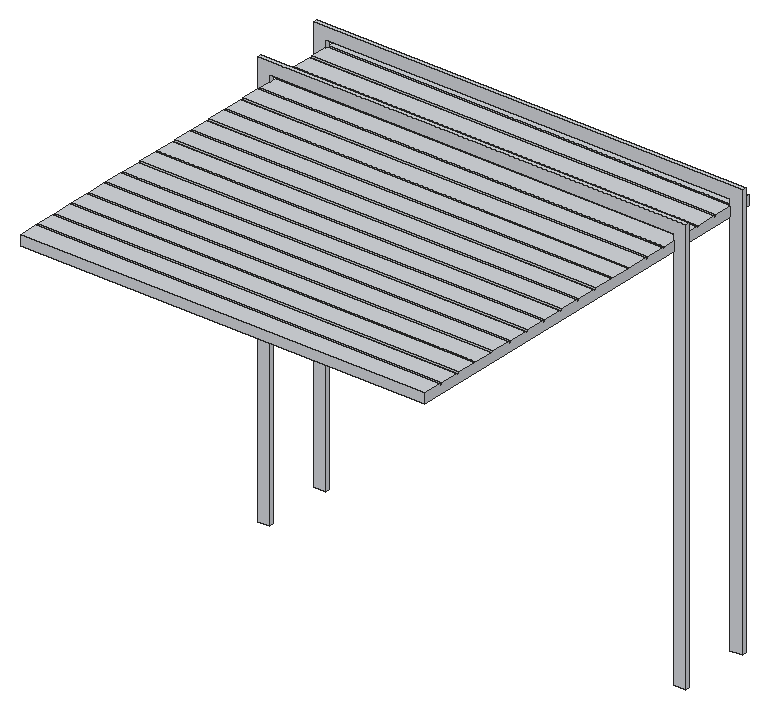
Revit family "BRU_ВоротаПаркинг", category Двери, Revit 2021
Family settings
  Основа = Стена
  Номер OmniClass = 23.30.10.00
  Заголовок OmniClass = Doors
  Всегда вертикально = Да
  При загрузке вырезать с полостями = Нет
  Общий = Нет
  Точка принадлежности помещению = Нет
Parameters (values of type "BRU_ВоротаПаркинг Бокс 2,5м")
  Функция = Внутренние слои
  Толщина_Утеплителя [instance] = 260 mm
  Открыто [instance] = not(Закрыто)  # yes
  Определить тепловые свойства по = Тип схем
  Закрыто [instance] = no
  Материал = none
  Ламель_Ширина = (Height - 250 mm) / 20  # 112.5 mm
  Группа модели = "Ворота паркинг"
  Выступ каркаса нар. = 25 mm
  Выступ каркаса внут. = 25 mm
  Ширина каркаса = 75 mm
  Height = 2500 mm
  Замыкание стены = По основе
  Width = 2500 mm
  Аналитическая конструкция = "<Нет>"
Reference planes
  plane 1: y = 0
  plane 2 "По центру (Влево/Вправо)": x = 0
  plane 3 "Слева": x = -1250
  plane 4 "Справа": x = 1250
  plane 5: z = 2500
  plane 6 "Наружный": y = 75
  plane 7 "Внутренние": y = -75
  plane 8 "Открыто": z = 2400
  plane 9 "Открыто1": y = 475
  plane 10: y = -2025
  plane 11 "Утеплителль": y = 335
  plane 12: y = 25.102
Forms (mm)
  Extrusion 1, solid, material <- "Материал", detail levels medium+fine
    sketch origin (-3050, -75, 0) x (1, 0, 0) y (0, 0, 1)
      loop
        line (1725, 0) -> (1800, 0) -> (1800, 2500) -> (4300, 2500) -> (4300, 0) -> (4375, 0) -> (4375, 2575) -> (1725, 2575) -> (1725, 0)
    from 0 to 25
  Extrusion 2, solid, material <- "Материал", detail levels medium+fine
    sketch origin (-3050, 75, 0) x (-1, 0, 0) y (0, 0, 1)
      loop
        line (-1800, 0) -> (-1725, 0) -> (-1725, 2575) -> (-4375, 2575) -> (-4375, 0) -> (-4300, 0) -> (-4300, 2500) -> (-1800, 2500) -> (-1800, 0)
    from 260 to 285
Lines and regions (mm)
  Opening 1
    outline origin (-3050, -75, 0) x (1, 0, 0) y (0, 0, 1)
      loop
        line (1800, 0) -> (4300, 0) -> (4300, 2500) -> (1800, 2500) -> (1800, 0)
  model lines, detail levels medium+fine
    curve 1: line (-1250, 75, 0) -> (1250, 75, 0)
    curve 2: line (1250, 25.102, 0) -> (-1250, 25.102, 0)
Text (mm)
  text "Exterior" at (-2295.016, 1099.543, 0), in view "Опорный уровень"
  text "Exterior" at (0, 1615.38, 3698.081), in view "Слева"
  text "Exterior" at (0, 1036.032, 3874.932), in view "Справа"
Dimensions and locks
  equal spacing: plane 3 "Слева", plane 2 "По центру (Влево/Вправо)", plane 4 "Справа"
  "Width": plane 3 "Слева" to plane 4 "Справа"
  "Height": plane 5 to host wall
  host wall to plane 5 = 2500 mm  (x2)
  "Выступ каркаса нар.": Extrusion 2 to Extrusion 2
  "Выступ каркаса внут.": Extrusion 1 to Extrusion 1
  "Ширина каркаса": plane 3 "Слева" to Extrusion 1 sketch curve
  "Ширина каркаса": plane 4 "Справа" to Extrusion 1 sketch curve
  "Ширина каркаса": Extrusion 1 sketch curve to plane 5
  "Ширина каркаса": plane 4 "Справа" to Extrusion 2 sketch curve
  "Ширина каркаса": plane 3 "Слева" to Extrusion 2 sketch curve
  "Ширина каркаса": plane 5 to Extrusion 2 sketch curve
  locked: plane 6 "Наружный" to host wall
  locked: plane 7 "Внутренние" to host wall
  locked: plane 9 "Открыто1" to plane 6 "Наружный" at 400
  locked: plane 5 to plane 8 "Открыто" at 100
  "Height": plane 9 "Открыто1" to plane 10
  "Толщина_Утеплителя": plane 6 "Наружный" to plane 11 "Утеплителль"
  plane 12 to plane 6 "Наружный" = 49.898 mm
  aligned and locked: plane 3 "Слева" to Opening 1 sketch curve
  aligned and locked: plane 5 to Opening 1 sketch curve  (x2)
  aligned and locked: Opening 1 sketch curve to plane 4 "Справа"
  aligned and locked: Opening 1 sketch curve to level
  aligned and locked: level to Extrusion 1 sketch curve
  aligned and locked: plane 5 to Extrusion 1 sketch curve  (x2)
  aligned and locked: Extrusion 1 sketch curve to plane 4 "Справа"
  aligned and locked: plane 3 "Слева" to Extrusion 1 sketch curve
  aligned and locked: plane 3 "Слева" to Extrusion 2 sketch curve
  aligned and locked: plane 5 to Extrusion 2 sketch curve  (x2)
  aligned and locked: level to Extrusion 2 sketch curve
  aligned and locked: plane 1 to host wall
  aligned and locked: Extrusion 2 to plane 11 "Утеплителль"
  aligned and locked: nested 1 to plane 6 "Наружный"
  aligned and locked: plane 4 "Справа" to nested 1
  aligned and locked: plane 4 "Справа" to nested 2
  aligned and locked: nested 2 to plane 8 "Открыто"
  aligned and locked: nested 2 to plane 9 "Открыто1"
  aligned and locked: plane 4 "Справа" to curve 1
  aligned and locked: plane 3 "Слева" to curve 1
  aligned and locked: plane 3 "Слева" to curve 2
  aligned and locked: plane 4 "Справа" to curve 2
Automatic sketch dimensions
  Extrusion 2 sketch curve to plane 4 "Справа" = 0 mm
  Extrusion 1 sketch curve to level = 0 mm
  Extrusion 2 sketch curve to level = 0 mm
  curve 2 to plane 12 = 0 mm
  curve 1 to host wall = 0 mm
Nested families
  nested 1: "BRU_Ворота_ПолотноЛамели" at (-3970.094, 55, 0), visible <- "Закрыто", type "Закрыто", detail levels medium+fine
    with Ширина_Полотно 2500 mm
  nested 2: "BRU_Ворота_ПолотноЛамели" at (-3970.094, 465, 2400), visible <- "Открыто", type "Открыто", detail levels medium+fine
    with Ширина_Полотно 2500 mm
Definition of nested family "BRU_Ворота_ПолотноЛамели"
  Parameters (values of type "Закрыто")
    Полотно = none
    Открыто = no
    Ламели_Ширина = (Высота_Полотно - 250 mm) / 19  # 118.421 mm
    Ламели_Толщина = 10 mm  # constant formula
    Ширина_Полотно = 3000 mm
    Закрыто = yes
    Дверь_Толщина = 50 mm
    Высота_Полотно = 2500 mm
    Analytic Construction = "<Нет>"
  Types (2, lengths in mm): name | Открыто | Ширина_Полотно | Закрыто
    Закрыто | no | 3000 | yes
    Открыто | yes | 3500 | no
  Reference planes
    plane 1 "По центру (Вперед/Назад)": y = 0
    plane 2 "ОпорнаяПлоскость": z = 0
    plane 3 "По центру (Влево/Вправо)": x = 0
    plane 4 "Слева": x = 2720.094
    plane 5 "Справа": x = 5720.094
    plane 6 "Внутрь": y = -40
    plane 7 "Снаружи": y = 10
    plane 8 "Ламели": y = 20
    plane 9: z = 2500
    plane 10: y = -2490
    plane 11: z = 50
    plane 12: z = 60
  Forms (mm)
    Extrusion 1, solid, material <- "Полотно", visible <- "Закрыто"
      sketch origin (0, 10, 0) x (0, 0, -1) y (-1, 0, 0)
        loop
          line (-2500, -5720.094) -> (0, -5720.094) -> (0, -2720.094) -> (-2500, -2720.094) -> (-2500, -5720.094)
      from 0 to -50
    Extrusion 2, solid, material <- "Полотно", visible <- "Открыто"
      sketch origin (0, 0, 0) x (1, 0, 0) y (0, 1, 0)
        loop
          line (2720.094, 10) -> (2720.094, -2490) -> (5720.094, -2490) -> (5720.094, 10) -> (2720.094, 10)
      from 0 to 50
    Extrusion 3, solid, material <- "Полотно", visible <- "Открыто"
      sketch origin (5720.094, -5.921, 0) x (0, 0, -1) y (0, -1, 0)
        loop
          line (-60, -15.921) -> (-50, -15.921) -> (-50, 102.5) -> (-60, 102.5) -> (-60, -15.921)
      from 0 to 3000 <- "Ширина_Полотно"
    Extrusion 4, solid, material <- "Полотно", visible <- "Открыто"
      sketch origin (5720.094, -2387.5, 0) x (0, 0, -1) y (0, -1, 0)
        loop
          line (-60, -15.921) -> (-50, -15.921) -> (-50, 102.5) -> (-60, 102.5) -> (-60, -15.921)
      from 0 to 3000 <- "Ширина_Полотно"
    Extrusion 5, solid, material <- "Полотно", visible <- "Открыто"
      sketch origin (5720.094, -138.231, 0) x (0, 0, -1) y (0, -1, 0)
        loop
          line (-60, -15.921) -> (-50, -15.921) -> (-50, 102.5) -> (-60, 102.5) -> (-60, -15.921)
      from 0 to 3000 <- "Ширина_Полотно"
    Extrusion 6, solid, material <- "Полотно", visible <- "Открыто"
      sketch origin (5720.094, -270.541, 0) x (0, 0, -1) y (0, -1, 0)
        loop
          line (-60, -15.921) -> (-50, -15.921) -> (-50, 102.5) -> (-60, 102.5) -> (-60, -15.921)
      from 0 to 3000 <- "Ширина_Полотно"
    Extrusion 7, solid, material <- "Полотно", visible <- "Открыто"
      sketch origin (5720.094, -402.851, 0) x (0, 0, -1) y (0, -1, 0)
        loop
          line (-60, -15.921) -> (-50, -15.921) -> (-50, 102.5) -> (-60, 102.5) -> (-60, -15.921)
      from 0 to 3000 <- "Ширина_Полотно"
    Extrusion 8, solid, material <- "Полотно", visible <- "Открыто"
      sketch origin (5720.094, -535.161, 0) x (0, 0, -1) y (0, -1, 0)
        loop
          line (-60, -15.921) -> (-50, -15.921) -> (-50, 102.5) -> (-60, 102.5) -> (-60, -15.921)
      from 0 to 3000 <- "Ширина_Полотно"
    Extrusion 9, solid, material <- "Полотно", visible <- "Открыто"
      sketch origin (5720.094, -667.471, 0) x (0, 0, -1) y (0, -1, 0)
        loop
          line (-60, -15.921) -> (-50, -15.921) -> (-50, 102.5) -> (-60, 102.5) -> (-60, -15.921)
      from 0 to 3000 <- "Ширина_Полотно"
    Extrusion 10, solid, material <- "Полотно", visible <- "Открыто"
      sketch origin (5720.094, -799.781, 0) x (0, 0, -1) y (0, -1, 0)
        loop
          line (-60, -15.921) -> (-50, -15.921) -> (-50, 102.5) -> (-60, 102.5) -> (-60, -15.921)
      from 0 to 3000 <- "Ширина_Полотно"
    Extrusion 11, solid, material <- "Полотно", visible <- "Открыто"
      sketch origin (5720.094, -932.091, 0) x (0, 0, -1) y (0, -1, 0)
        loop
          line (-60, -15.921) -> (-50, -15.921) -> (-50, 102.5) -> (-60, 102.5) -> (-60, -15.921)
      from 0 to 3000 <- "Ширина_Полотно"
    Extrusion 12, solid, material <- "Полотно", visible <- "Открыто"
      sketch origin (5720.094, -1064.401, 0) x (0, 0, -1) y (0, -1, 0)
        loop
          line (-60, -15.921) -> (-50, -15.921) -> (-50, 102.5) -> (-60, 102.5) -> (-60, -15.921)
      from 0 to 3000 <- "Ширина_Полотно"
    Extrusion 13, solid, material <- "Полотно", visible <- "Открыто"
      sketch origin (5720.094, -1196.711, 0) x (0, 0, -1) y (0, -1, 0)
        loop
          line (-60, -15.921) -> (-50, -15.921) -> (-50, 102.5) -> (-60, 102.5) -> (-60, -15.921)
      from 0 to 3000 <- "Ширина_Полотно"
    Extrusion 14, solid, material <- "Полотно", visible <- "Открыто"
      sketch origin (5720.094, -1329.02, 0) x (0, 0, -1) y (0, -1, 0)
        loop
          line (-60, -15.921) -> (-50, -15.921) -> (-50, 102.5) -> (-60, 102.5) -> (-60, -15.921)
      from 0 to 3000 <- "Ширина_Полотно"
    Extrusion 15, solid, material <- "Полотно", visible <- "Открыто"
      sketch origin (5720.094, -1461.33, 0) x (0, 0, -1) y (0, -1, 0)
        loop
          line (-60, -15.921) -> (-50, -15.921) -> (-50, 102.5) -> (-60, 102.5) -> (-60, -15.921)
      from 0 to 3000 <- "Ширина_Полотно"
    Extrusion 16, solid, material <- "Полотно", visible <- "Открыто"
      sketch origin (5720.094, -1593.64, 0) x (0, 0, -1) y (0, -1, 0)
        loop
          line (-60, -15.921) -> (-50, -15.921) -> (-50, 102.5) -> (-60, 102.5) -> (-60, -15.921)
      from 0 to 3000 <- "Ширина_Полотно"
    Extrusion 17, solid, material <- "Полотно", visible <- "Открыто"
      sketch origin (5720.094, -1725.95, 0) x (0, 0, -1) y (0, -1, 0)
        loop
          line (-60, -15.921) -> (-50, -15.921) -> (-50, 102.5) -> (-60, 102.5) -> (-60, -15.921)
      from 0 to 3000 <- "Ширина_Полотно"
    Extrusion 18, solid, material <- "Полотно", visible <- "Открыто"
      sketch origin (5720.094, -1858.26, 0) x (0, 0, -1) y (0, -1, 0)
        loop
          line (-60, -15.921) -> (-50, -15.921) -> (-50, 102.5) -> (-60, 102.5) -> (-60, -15.921)
      from 0 to 3000 <- "Ширина_Полотно"
    Extrusion 19, solid, material <- "Полотно", visible <- "Открыто"
      sketch origin (5720.094, -1990.57, 0) x (0, 0, -1) y (0, -1, 0)
        loop
          line (-60, -15.921) -> (-50, -15.921) -> (-50, 102.5) -> (-60, 102.5) -> (-60, -15.921)
      from 0 to 3000 <- "Ширина_Полотно"
    Extrusion 20, solid, material <- "Полотно", visible <- "Открыто"
      sketch origin (5720.094, -2122.88, 0) x (0, 0, -1) y (0, -1, 0)
        loop
          line (-60, -15.921) -> (-50, -15.921) -> (-50, 102.5) -> (-60, 102.5) -> (-60, -15.921)
      from 0 to 3000 <- "Ширина_Полотно"
    Extrusion 21, solid, material <- "Полотно", visible <- "Открыто"
      sketch origin (5720.094, -2255.19, 0) x (0, 0, -1) y (0, -1, 0)
        loop
          line (-60, -15.921) -> (-50, -15.921) -> (-50, 102.5) -> (-60, 102.5) -> (-60, -15.921)
      from 0 to 3000 <- "Ширина_Полотно"
    Extrusion 22, solid, material <- "Полотно", visible <- "Закрыто"
      sketch origin (5720.094, 0, -2381.579) x (0, 0, -1) y (0, -1, 0)
        loop
          line (-2500, -20) -> (-2381.579, -20) -> (-2381.579, -10) -> (-2500, -10) -> (-2500, -20)
      from 0 to 3000 <- "Ширина_Полотно"
    Extrusion 23, solid, material <- "Полотно", visible <- "Закрыто"
      sketch origin (5720.094, 0, 0) x (0, 0, -1) y (0, -1, 0)
        loop
          line (-2500, -20) -> (-2381.579, -20) -> (-2381.579, -10) -> (-2500, -10) -> (-2500, -20)
      from 0 to 3000 <- "Ширина_Полотно"
    Extrusion 24, solid, material <- "Полотно", visible <- "Закрыто"
      sketch origin (5720.094, 0, -2249.269) x (0, 0, -1) y (0, -1, 0)
        loop
          line (-2500, -20) -> (-2381.579, -20) -> (-2381.579, -10) -> (-2500, -10) -> (-2500, -20)
      from 0 to 3000 <- "Ширина_Полотно"
    Extrusion 25, solid, material <- "Полотно", visible <- "Закрыто"
      sketch origin (5720.094, 0, -2116.959) x (0, 0, -1) y (0, -1, 0)
        loop
          line (-2500, -20) -> (-2381.579, -20) -> (-2381.579, -10) -> (-2500, -10) -> (-2500, -20)
      from 0 to 3000 <- "Ширина_Полотно"
    Extrusion 26, solid, material <- "Полотно", visible <- "Закрыто"
      sketch origin (5720.094, 0, -1984.649) x (0, 0, -1) y (0, -1, 0)
        loop
          line (-2500, -20) -> (-2381.579, -20) -> (-2381.579, -10) -> (-2500, -10) -> (-2500, -20)
      from 0 to 3000 <- "Ширина_Полотно"
    Extrusion 27, solid, material <- "Полотно", visible <- "Закрыто"
      sketch origin (5720.094, 0, -1852.339) x (0, 0, -1) y (0, -1, 0)
        loop
          line (-2500, -20) -> (-2381.579, -20) -> (-2381.579, -10) -> (-2500, -10) -> (-2500, -20)
      from 0 to 3000 <- "Ширина_Полотно"
    Extrusion 28, solid, material <- "Полотно", visible <- "Закрыто"
      sketch origin (5720.094, 0, -1720.029) x (0, 0, -1) y (0, -1, 0)
        loop
          line (-2500, -20) -> (-2381.579, -20) -> (-2381.579, -10) -> (-2500, -10) -> (-2500, -20)
      from 0 to 3000 <- "Ширина_Полотно"
    Extrusion 29, solid, material <- "Полотно", visible <- "Закрыто"
      sketch origin (5720.094, 0, -1587.719) x (0, 0, -1) y (0, -1, 0)
        loop
          line (-2500, -20) -> (-2381.579, -20) -> (-2381.579, -10) -> (-2500, -10) -> (-2500, -20)
      from 0 to 3000 <- "Ширина_Полотно"
    Extrusion 30, solid, material <- "Полотно", visible <- "Закрыто"
      sketch origin (5720.094, 0, -1455.409) x (0, 0, -1) y (0, -1, 0)
        loop
          line (-2500, -20) -> (-2381.579, -20) -> (-2381.579, -10) -> (-2500, -10) -> (-2500, -20)
      from 0 to 3000 <- "Ширина_Полотно"
    Extrusion 31, solid, material <- "Полотно", visible <- "Закрыто"
      sketch origin (5720.094, 0, -1323.099) x (0, 0, -1) y (0, -1, 0)
        loop
          line (-2500, -20) -> (-2381.579, -20) -> (-2381.579, -10) -> (-2500, -10) -> (-2500, -20)
      from 0 to 3000 <- "Ширина_Полотно"
    Extrusion 32, solid, material <- "Полотно", visible <- "Закрыто"
      sketch origin (5720.094, 0, -1190.789) x (0, 0, -1) y (0, -1, 0)
        loop
          line (-2500, -20) -> (-2381.579, -20) -> (-2381.579, -10) -> (-2500, -10) -> (-2500, -20)
      from 0 to 3000 <- "Ширина_Полотно"
    Extrusion 33, solid, material <- "Полотно", visible <- "Закрыто"
      sketch origin (5720.094, 0, -1058.48) x (0, 0, -1) y (0, -1, 0)
        loop
          line (-2500, -20) -> (-2381.579, -20) -> (-2381.579, -10) -> (-2500, -10) -> (-2500, -20)
      from 0 to 3000 <- "Ширина_Полотно"
    Extrusion 34, solid, material <- "Полотно", visible <- "Закрыто"
      sketch origin (5720.094, 0, -926.17) x (0, 0, -1) y (0, -1, 0)
        loop
          line (-2500, -20) -> (-2381.579, -20) -> (-2381.579, -10) -> (-2500, -10) -> (-2500, -20)
      from 0 to 3000 <- "Ширина_Полотно"
    Extrusion 35, solid, material <- "Полотно", visible <- "Закрыто"
      sketch origin (5720.094, 0, -793.86) x (0, 0, -1) y (0, -1, 0)
        loop
          line (-2500, -20) -> (-2381.579, -20) -> (-2381.579, -10) -> (-2500, -10) -> (-2500, -20)
      from 0 to 3000 <- "Ширина_Полотно"
    Extrusion 36, solid, material <- "Полотно", visible <- "Закрыто"
      sketch origin (5720.094, 0, -661.55) x (0, 0, -1) y (0, -1, 0)
        loop
          line (-2500, -20) -> (-2381.579, -20) -> (-2381.579, -10) -> (-2500, -10) -> (-2500, -20)
      from 0 to 3000 <- "Ширина_Полотно"
    Extrusion 37, solid, material <- "Полотно", visible <- "Закрыто"
      sketch origin (5720.094, 0, -529.24) x (0, 0, -1) y (0, -1, 0)
        loop
          line (-2500, -20) -> (-2381.579, -20) -> (-2381.579, -10) -> (-2500, -10) -> (-2500, -20)
      from 0 to 3000 <- "Ширина_Полотно"
    Extrusion 38, solid, material <- "Полотно", visible <- "Закрыто"
      sketch origin (5720.094, 0, -396.93) x (0, 0, -1) y (0, -1, 0)
        loop
          line (-2500, -20) -> (-2381.579, -20) -> (-2381.579, -10) -> (-2500, -10) -> (-2500, -20)
      from 0 to 3000 <- "Ширина_Полотно"
    Extrusion 39, solid, material <- "Полотно", visible <- "Закрыто"
      sketch origin (5720.094, 0, -264.62) x (0, 0, -1) y (0, -1, 0)
        loop
          line (-2500, -20) -> (-2381.579, -20) -> (-2381.579, -10) -> (-2500, -10) -> (-2500, -20)
      from 0 to 3000 <- "Ширина_Полотно"
    Extrusion 40, solid, material <- "Полотно", visible <- "Закрыто"
      sketch origin (5720.094, 0, -132.31) x (0, 0, -1) y (0, -1, 0)
        loop
          line (-2500, -20) -> (-2381.579, -20) -> (-2381.579, -10) -> (-2500, -10) -> (-2500, -20)
      from 0 to 3000 <- "Ширина_Полотно"
  Cuts and joins
    joined: Extrusion 2, Extrusion 3, Extrusion 4, Extrusion 5, Extrusion 6, Extrusion 7, Extrusion 8, Extrusion 9, Extrusion 10, Extrusion 11, Extrusion 12, Extrusion 13, Extrusion 14, Extrusion 15, Extrusion 16, Extrusion 17, Extrusion 18, Extrusion 19, Extrusion 20, Extrusion 21
    joined: Extrusion 1, Extrusion 22, Extrusion 23, Extrusion 24, Extrusion 25, Extrusion 26, Extrusion 27, Extrusion 28, Extrusion 29, Extrusion 30, Extrusion 31, Extrusion 32, Extrusion 33, Extrusion 34, Extrusion 35, Extrusion 36, Extrusion 37, Extrusion 38, Extrusion 39, Extrusion 40
  Dimensions and locks
    "Ламели_Толщина": plane 8 "Ламели" to plane 7 "Снаружи"
    "Дверь_Толщина": plane 7 "Снаружи" to plane 6 "Внутрь"
    "Высота_Полотно": level to plane 9
    "Ширина_Полотно": plane 4 "Слева" to plane 5 "Справа"
    "Высота_Полотно": plane 7 "Снаружи" to plane 10
    "Дверь_Толщина": plane 11 to level
    "Ламели_Толщина": plane 12 to plane 11
    "Ламели_Ширина": Extrusion 3 sketch curve to Extrusion 3 sketch curve
    "Ламели_Ширина": Extrusion 4 sketch curve to Extrusion 4 sketch curve
    equal spacing: group 1, group 3, group 4, group 5, group 6, group 7, group 8, group 9, group 10, group 11, group 12, group 13, group 14, group 15, group 16, group 17, group 18, group 19, group 2  (x2)
    equal spacing: group 2, group 19, group 18, group 17, group 16, group 15, group 14, group 13, group 12, group 11, group 10, group 9, group 8, group 7, group 6, group 5, group 4, group 3, group 1
    "Ламели_Ширина": Extrusion 5 sketch curve to Extrusion 5 sketch curve
    "Ламели_Ширина": Extrusion 6 sketch curve to Extrusion 6 sketch curve
    "Ламели_Ширина": Extrusion 7 sketch curve to Extrusion 7 sketch curve
    "Ламели_Ширина": Extrusion 8 sketch curve to Extrusion 8 sketch curve
    "Ламели_Ширина": Extrusion 9 sketch curve to Extrusion 9 sketch curve
    "Ламели_Ширина": Extrusion 10 sketch curve to Extrusion 10 sketch curve
    "Ламели_Ширина": Extrusion 11 sketch curve to Extrusion 11 sketch curve
    "Ламели_Ширина": Extrusion 12 sketch curve to Extrusion 12 sketch curve
    "Ламели_Ширина": Extrusion 13 sketch curve to Extrusion 13 sketch curve
    "Ламели_Ширина": Extrusion 14 sketch curve to Extrusion 14 sketch curve
    "Ламели_Ширина": Extrusion 15 sketch curve to Extrusion 15 sketch curve
    "Ламели_Ширина": Extrusion 16 sketch curve to Extrusion 16 sketch curve
    "Ламели_Ширина": Extrusion 17 sketch curve to Extrusion 17 sketch curve
    "Ламели_Ширина": Extrusion 18 sketch curve to Extrusion 18 sketch curve
    "Ламели_Ширина": Extrusion 19 sketch curve to Extrusion 19 sketch curve
    "Ламели_Ширина": Extrusion 20 sketch curve to Extrusion 20 sketch curve
    "Ламели_Ширина": Extrusion 21 sketch curve to Extrusion 21 sketch curve
    "Ламели_Ширина": Extrusion 22 sketch curve to Extrusion 22 sketch curve
    "Ламели_Ширина": Extrusion 23 sketch curve to Extrusion 23 sketch curve
    equal spacing: group 20, group 22, group 23, group 24, group 25, group 26, group 27, group 28, group 29, group 30, group 31, group 32, group 33, group 34, group 35, group 36, group 37, group 38, group 21  (x3)
    "Ламели_Ширина": Extrusion 24 sketch curve to Extrusion 24 sketch curve
    "Ламели_Ширина": Extrusion 25 sketch curve to Extrusion 25 sketch curve
    "Ламели_Ширина": Extrusion 26 sketch curve to Extrusion 26 sketch curve
    "Ламели_Ширина": Extrusion 27 sketch curve to Extrusion 27 sketch curve
    "Ламели_Ширина": Extrusion 28 sketch curve to Extrusion 28 sketch curve
    "Ламели_Ширина": Extrusion 29 sketch curve to Extrusion 29 sketch curve
    "Ламели_Ширина": Extrusion 30 sketch curve to Extrusion 30 sketch curve
    "Ламели_Ширина": Extrusion 31 sketch curve to Extrusion 31 sketch curve
    "Ламели_Ширина": Extrusion 32 sketch curve to Extrusion 32 sketch curve
    "Ламели_Ширина": Extrusion 33 sketch curve to Extrusion 33 sketch curve
    "Ламели_Ширина": Extrusion 34 sketch curve to Extrusion 34 sketch curve
    "Ламели_Ширина": Extrusion 35 sketch curve to Extrusion 35 sketch curve
    "Ламели_Ширина": Extrusion 36 sketch curve to Extrusion 36 sketch curve
    "Ламели_Ширина": Extrusion 37 sketch curve to Extrusion 37 sketch curve
    "Ламели_Ширина": Extrusion 38 sketch curve to Extrusion 38 sketch curve
    "Ламели_Ширина": Extrusion 39 sketch curve to Extrusion 39 sketch curve
    "Ламели_Ширина": Extrusion 40 sketch curve to Extrusion 40 sketch curve
    aligned and locked: level to plane 2 "ОпорнаяПлоскость"
    aligned and locked: level to Extrusion 1 sketch curve
    aligned and locked: Extrusion 1 sketch curve to plane 4 "Слева"
    aligned and locked: Extrusion 1 sketch curve to plane 9
    aligned and locked: plane 5 "Справа" to Extrusion 1 sketch curve
    aligned and locked: plane 6 "Внутрь" to Extrusion 1
    aligned and locked: Extrusion 1 to plane 7 "Снаружи"
    aligned and locked: Extrusion 2 sketch curve to plane 10
    aligned and locked: Extrusion 2 sketch curve to plane 4 "Слева"
    aligned and locked: plane 5 "Справа" to Extrusion 2 sketch curve
    aligned and locked: plane 7 "Снаружи" to Extrusion 2 sketch curve
    aligned and locked: Extrusion 2 to plane 11
    aligned and locked: plane 10 to Extrusion 4
    aligned and locked: plane 12 to Extrusion 4
    aligned and locked: plane 12 to Extrusion 21
    aligned and locked: plane 12 to Extrusion 20
    aligned and locked: plane 12 to Extrusion 19
    aligned and locked: plane 12 to Extrusion 18
    aligned and locked: plane 12 to Extrusion 17
    aligned and locked: plane 12 to Extrusion 16  (x2)
    aligned and locked: plane 12 to Extrusion 15
    aligned and locked: Extrusion 4 to plane 4 "Слева"
    aligned and locked: plane 7 "Снаружи" to Extrusion 3
    aligned and locked: Extrusion 3 to plane 5 "Справа"
    aligned and locked: Extrusion 4 to plane 5 "Справа"
    aligned and locked: Extrusion 23 to plane 9
    aligned and locked: Extrusion 22 to plane 2 "ОпорнаяПлоскость"
    aligned and locked: plane 8 "Ламели" to Extrusion 23
    aligned and locked: plane 8 "Ламели" to Extrusion 22
    aligned and locked: Extrusion 22 to plane 4 "Слева"
    aligned and locked: Extrusion 23 to plane 4 "Слева"
  Automatic sketch dimensions
    Extrusion 3 sketch curve to Extrusion 3 sketch curve = 10 mm
    Extrusion 4 sketch curve to Extrusion 4 sketch curve = 10 mm
    Extrusion 5 sketch curve to Extrusion 5 sketch curve = 10 mm
    Extrusion 6 sketch curve to Extrusion 6 sketch curve = 10 mm
    Extrusion 7 sketch curve to Extrusion 7 sketch curve = 10 mm
    Extrusion 8 sketch curve to Extrusion 8 sketch curve = 10 mm
    Extrusion 9 sketch curve to Extrusion 9 sketch curve = 10 mm
    Extrusion 10 sketch curve to Extrusion 10 sketch curve = 10 mm
    Extrusion 11 sketch curve to Extrusion 11 sketch curve = 10 mm
    Extrusion 12 sketch curve to Extrusion 12 sketch curve = 10 mm
    Extrusion 13 sketch curve to Extrusion 13 sketch curve = 10 mm
    Extrusion 14 sketch curve to Extrusion 14 sketch curve = 10 mm
    Extrusion 15 sketch curve to Extrusion 15 sketch curve = 10 mm
    Extrusion 16 sketch curve to Extrusion 16 sketch curve = 10 mm
    Extrusion 17 sketch curve to Extrusion 17 sketch curve = 10 mm
    Extrusion 18 sketch curve to Extrusion 18 sketch curve = 10 mm
    Extrusion 19 sketch curve to Extrusion 19 sketch curve = 10 mm
    Extrusion 20 sketch curve to Extrusion 20 sketch curve = 10 mm
    Extrusion 21 sketch curve to Extrusion 21 sketch curve = 10 mm
    Extrusion 22 sketch curve to Extrusion 22 sketch curve = 10 mm
    Extrusion 23 sketch curve to Extrusion 23 sketch curve = 10 mm
    Extrusion 24 sketch curve to Extrusion 24 sketch curve = 10 mm
    Extrusion 25 sketch curve to Extrusion 25 sketch curve = 10 mm
    Extrusion 26 sketch curve to Extrusion 26 sketch curve = 10 mm
    Extrusion 27 sketch curve to Extrusion 27 sketch curve = 10 mm
    Extrusion 28 sketch curve to Extrusion 28 sketch curve = 10 mm
    Extrusion 29 sketch curve to Extrusion 29 sketch curve = 10 mm
    Extrusion 30 sketch curve to Extrusion 30 sketch curve = 10 mm
    Extrusion 31 sketch curve to Extrusion 31 sketch curve = 10 mm
    Extrusion 32 sketch curve to Extrusion 32 sketch curve = 10 mm
    Extrusion 33 sketch curve to Extrusion 33 sketch curve = 10 mm
    Extrusion 34 sketch curve to Extrusion 34 sketch curve = 10 mm
    Extrusion 35 sketch curve to Extrusion 35 sketch curve = 10 mm
    Extrusion 36 sketch curve to Extrusion 36 sketch curve = 10 mm
    Extrusion 37 sketch curve to Extrusion 37 sketch curve = 10 mm
    Extrusion 38 sketch curve to Extrusion 38 sketch curve = 10 mm
    Extrusion 39 sketch curve to Extrusion 39 sketch curve = 10 mm
    Extrusion 40 sketch curve to Extrusion 40 sketch curve = 10 mm
